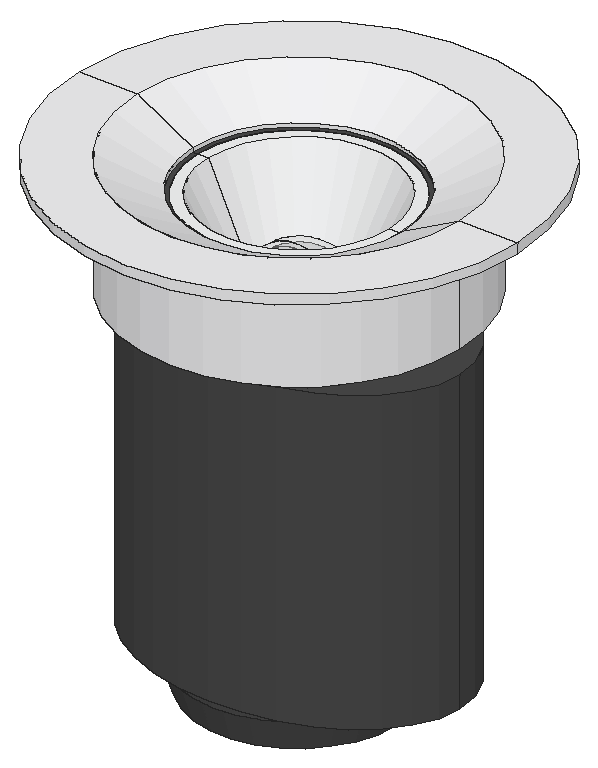
Revit family "Lighting Fixture_Sylvania_Expospot 50 Fixed_Ceiling Recessed1", category Lighting Fixtures, host Face, Revit 2016
Family settings
  Host = Face
  Part Type = Normal
  Round Connector Dimension = Use Diameter
  OmniClass Number = 23.80.70.11.17
  OmniClass Title = Specialized Lighting by Location or Use
  Cut with Voids When Loaded = No
  Light Source = Yes
  Shared = No
  Room Calculation Point = No
Parameters (values of type "EXPOSPOT 50 FIX 80 3K MB WHT")
  Weight = 0.52 kg  # constant formula
  Total Power Consumption = 12.9997 W
  Reflector Material = Aluminum_Sylvania_Expospot_Polished
  Radius = Diameter / 2  # 47.5 mm
  Cooling Small Axis = Radius - 23.0 mm  # 24.5 mm
  Cooling Big Axis = Radius - 12.5 mm  # 35.0 mm
  Product Code = "0060202"
  Photobiological Risk Group = "RG1"  # constant formula
  Nominal Frequency = "50/60Hz"  # constant formula
  Max. Luminaires per 20A C Breaker = "78"  # constant formula
  Max. Luminaires per 20A B Breaker = "47"  # constant formula
  Max. Luminaires per 16A C Breaker = "61"  # constant formula
  Max. Luminaires per 16A B Breaker = "37"  # constant formula
  Max. Luminaires per 13A C Breaker = "50"  # constant formula
  Max. Luminaires per 13A B Breaker = "30"  # constant formula
  Max. Luminaires per 10A C Breaker = "38"  # constant formula
  Max. Luminaires per 10A B Breaker = "23"  # constant formula
  Lamp Power Factor = 0.83  # constant formula
  LOR = "100%"  # constant formula
  Inrush Duration = "199µs"  # constant formula
  Inrush Current = 17 A  # constant formula
  IP Rating = "IP20"  # constant formula
  IK Rating = "IK02"  # constant formula
  Height = 103.0 mm  # constant formula
  Wattage = 12.9997 W
  built-in parameter 1150110 = 1 (stored number, unit not read)
  Voltage Comments = "220-240V~"  # constant formula
  Voltage = 240 V  # constant formula
  URL = "http://www.sylvania-lighting.com/product/en-int/category/interior-lighting/accent-downlights/families/expospot-led/expospot-50-fixed"
  built-in parameter 1114217 = 1 (stored number, unit not read)
  Tilt Angle = -90°  # constant formula
  built-in parameter 1150109 = 1 (stored number, unit not read)
  built-in parameter 1150134 = (empty or 0)
  built-in parameter 1150113 = 1 (stored number, unit not read)
  Product Page URL = "http://www.sylvania-lighting.com/product/en-int/products/0060202"
  Product Family = "EXPOSPOT 50 FIXED"  # constant formula
  Photometry Comments = ""
  Photometric Web File = "0060202.ies"
  Glow Wire Test = 850 °C  # constant formula
  Emit from Circle Diameter = Diameter - 25.0 mm  # 70.0 mm
  Emit Shape Visible in Rendering = no
  Electrical Protection = "Class II"  # constant formula
  Drive Current = "300mA"  # constant formula
  Dimmable = "N"  # constant formula
  Diffuser Material = Arcylic_Sylvania_Expospot_3000K
  Diameter = 95.0 mm  # constant formula
  Cutout Diameter = Diameter - 10.0 mm  # 85.0 mm
  Created by URL = "http://all1studio.com/"
  Created by = "All 1 Studio Ltd. "  # constant formula
  Control Gear Type = "Electronic"  # constant formula
  Control Gear Required = "No"  # constant formula
  Control Gear Mounting = "Remote"  # constant formula
  Colour Variation Initial = "3SDCM"  # constant formula
  built-in parameter 1114216 [instance] = 1 (stored number, unit not read)
  Model = "EXPOSPOT 50 FIX 80 3K MB WHT"
  Manufacturer = "Feilo Sylvania"  # constant formula
  built-in parameter 1150105 = 104.64 (stored number, unit not read)
  Lumens = 1315 lm
  built-in parameter 1150115 = 1 (stored number, unit not read)
  built-in parameter 1150137 = (empty or 0)
  built-in parameter 1150139 = (empty or 0)
  built-in parameter 1150112 = 1 (stored number, unit not read)
  built-in parameter 1150114 = 1 (stored number, unit not read)
  Lamp = "LED"  # constant formula
  built-in parameter 1150132 = 2
  built-in parameter 1150102 = (empty or 0)
  built-in parameter 1150107 = 3000 (stored number, unit not read)
  built-in parameter 1150138 = 3000
  built-in parameter 1150106 = 1.0464 (stored number, unit not read)
  CRI = "80Ra"
  Body Material = Aluminum_Sylvania_Expospot_White
  built-in parameter 1150104 = 9.3977 (stored number, unit not read)
  Dimming Lamp Color Temperature Shift = <None>
  Description = "Specifically designed for Retail and Display applications. I.e. Supermarkets, Fashion Retail, Department stores. Build around a 50mm reflector and lens combination."  # constant formula
  Default Elevation = 0.0 mm
  Color Filter = 16777215
  built-in parameter 1140040 [instance] = 1
  Beam Angle = 35°
  built-in parameter 1114218 = 1 (stored number, unit not read)
  Average Life = "50 000h"  # constant formula
  built-in parameter 1150133 = 10 (stored number, unit not read)
  Assembly Code = "D5020200"
  Apparent Load Comments = ""
  Apparent Load = 12.9997 VA
  Cooling Material = Plastic_Sylvania_Expospot_Black
Types (12, lengths in mm): name | Product Code | built-in parameter 1150134 | Product Page URL | Photometric Web File | Diffuser Material | Model | built-in parameter 1150105 | Lumens | built-in parameter 1150107 | built-in parameter 1150106 | CRI | built-in parameter 1150104 | Beam Angle
  EXPOSPOT 50 FIX 90 4K WB WHT | "0060212" | 12 | "http://www.sylvania-lighting.com/product/en-int/products/0060212" | "0060212.ies" | Arcylic_Sylvania_Expospot_4000K | "EXPOSPOT 50 FIX 90 4K WB WHT" | 96.766 (stored number, unit not read) | 1216 lm | 4000 (stored number, unit not read) | 0.96766 (stored number, unit not read) | "90Ra" | 8.6902 (stored number, unit not read) | 41°
  EXPOSPOT 50 FIX 90 4K MB WHT | "0060211" | 12 | "http://www.sylvania-lighting.com/product/en-int/products/0060211" | "0060211.ies" | Arcylic_Sylvania_Expospot_4000K | "EXPOSPOT 50 FIX 90 4K MB WHT" | 91.992 (stored number, unit not read) | 1156 lm | 4000 (stored number, unit not read) | 0.91992 (stored number, unit not read) | "90Ra" | 8.2614 (stored number, unit not read) | 33°
  EXPOSPOT 50 FIX 90 4K NB WHT | "0060210" | 12 | "http://www.sylvania-lighting.com/product/en-int/products/0060210" | "0060210.ies" | Arcylic_Sylvania_Expospot_4000K | "EXPOSPOT 50 FIX 90 4K NB WHT" | 90.798 (stored number, unit not read) | 1141 lm | 4000 (stored number, unit not read) | 0.90798 (stored number, unit not read) | "90Ra" | 8.1542 (stored number, unit not read) | 22°
  EXPOSPOT 50 FIX 90 3K WB WHT | "0060209" | (empty or 0) | "http://www.sylvania-lighting.com/product/en-int/products/0060209" | "0060209.ies" | Arcylic_Sylvania_Expospot_3000K | "EXPOSPOT 50 FIX 90 3K WB WHT" | 88.649 (stored number, unit not read) | 1114 lm | 3000 (stored number, unit not read) | 0.88649 (stored number, unit not read) | "90Ra" | 7.9612 (stored number, unit not read) | 45°
  EXPOSPOT 50 FIX 90 3K MB WHT | "0060208" | (empty or 0) | "http://www.sylvania-lighting.com/product/en-int/products/0060208" | "0060208.ies" | Arcylic_Sylvania_Expospot_3000K | "EXPOSPOT 50 FIX 90 3K MB WHT" | 87.376 (stored number, unit not read) | 1098 lm | 3000 (stored number, unit not read) | 0.87376 (stored number, unit not read) | "90Ra" | 7.8469 (stored number, unit not read) | 33°
  EXPOSPOT 50 FIX 90 3K NB WHT | "0060207" | (empty or 0) | "http://www.sylvania-lighting.com/product/en-int/products/0060207" | "0060207.ies" | Arcylic_Sylvania_Expospot_3000K | "EXPOSPOT 50 FIX 90 3K NB WHT" | 91.275 (stored number, unit not read) | 1147 lm | 3000 (stored number, unit not read) | 0.91275 (stored number, unit not read) | "90Ra" | 8.1971 (stored number, unit not read) | 22°
  EXPOSPOT 50 FIX 80 4K WB WHT | "0060206" | 12 | "http://www.sylvania-lighting.com/product/en-int/products/0060206" | "0060206.ies" | Arcylic_Sylvania_Expospot_4000K | "EXPOSPOT 50 FIX 80 4K WB WHT" | 108.46 (stored number, unit not read) | 1363 lm | 4000 (stored number, unit not read) | 1.0846 (stored number, unit not read) | "80Ra" | 9.7407 (stored number, unit not read) | 50°
  EXPOSPOT 50 FIX 80 4K MB WHT | "0060205" | 12 | "http://www.sylvania-lighting.com/product/en-int/products/0060205" | "0060205.ies" | Arcylic_Sylvania_Expospot_4000K | "EXPOSPOT 50 FIX 80 4K MB WHT" | 113 (stored number, unit not read) | 1420 lm | 4000 (stored number, unit not read) | 1.13 (stored number, unit not read) | "80Ra" | 10.148 (stored number, unit not read) | 32°
  EXPOSPOT 50 FIX 80 4K NB WHT | "0060204" | 12 | "http://www.sylvania-lighting.com/product/en-int/products/0060204" | "0060204.ies" | Arcylic_Sylvania_Expospot_4000K | "EXPOSPOT 50 FIX 80 4K NB WHT" | 111.49 (stored number, unit not read) | 1401 lm | 4000 (stored number, unit not read) | 1.1149 (stored number, unit not read) | "80Ra" | 10.012 (stored number, unit not read) | 22°
  EXPOSPOT 50 FIX 80 3K WB WHT | "0060203" | (empty or 0) | "http://www.sylvania-lighting.com/product/en-int/products/0060203" | "0060203.ies" | Arcylic_Sylvania_Expospot_3000K | "EXPOSPOT 50 FIX 80 3K WB WHT" | 103.21 (stored number, unit not read) | 1297 lm | 3000 (stored number, unit not read) | 1.0321 (stored number, unit not read) | "80Ra" | 9.2691 (stored number, unit not read) | 51°
  EXPOSPOT 50 FIX 80 3K MB WHT | "0060202" | (empty or 0) | "http://www.sylvania-lighting.com/product/en-int/products/0060202" | "0060202.ies" | Arcylic_Sylvania_Expospot_3000K | "EXPOSPOT 50 FIX 80 3K MB WHT" | 104.64 (stored number, unit not read) | 1315 lm | 3000 (stored number, unit not read) | 1.0464 (stored number, unit not read) | "80Ra" | 9.3977 (stored number, unit not read) | 35°
  EXPOSPOT 50 FIX 80 3K NB WHT | "0060201" | (empty or 0) | "http://www.sylvania-lighting.com/product/en-int/products/0060201" | "0060201.ies" | Arcylic_Sylvania_Expospot_3000K | "EXPOSPOT 50 FIX 80 3K NB WHT" | 107.59 (stored number, unit not read) | 1352 lm | 3000 (stored number, unit not read) | 1.0759 (stored number, unit not read) | "80Ra" | 9.6621 (stored number, unit not read) | 22°
Reference planes
  plane 1 "Center (Front/Back)": y = 0
  plane 2: z = 0
  plane 3 "Center (Left/Right)": x = -7.423
  plane 4: z = 2
  plane 5 "Fixture Radius": x = -54.923
  plane 6: x = -42.423
  plane 7: z = -5
  plane 8: x = -39.923
  plane 9 "Reflector Radius": x = -29.423
  plane 10 "Diffuser Radius": x = -18.423
  plane 11: z = -23
  plane 12: z = -28
  plane 13: z = -93
  plane 14: z = -101
Forms (mm)
  Revolve 1, solid, material "Aluminum_Sylvania_Expospot_White" <- "Body Material", detail levels fine
    sketch origin (0, 0, 0) x (1, 0, 0) y (0, 0, 1)
      loop
        line (-42.423, 2) -> (-54.923, 2) -> (-54.923, 0) -> (-42.423, 0) -> (-42.423, -23) -> (-39.923, -23) -> (-39.923, -5) -> (-30.423, -5) -> (-30.423, -4.2) -> (-42.423, 2)
      axis (-7.423, 2) -> (-7.423, -23)
    angle from 0 to 360
  Revolve 2, solid, material "Aluminum_Sylvania_Expospot_Polished" <- "Reflector Material", detail levels fine
    sketch origin (0, 0, 0) x (1, 0, 0) y (0, 0, 1)
      loop
        line (-29.423, -5) -> (-20.753, -23) -> (-18.423, -23) -> (-27.093, -5) -> (-29.423, -5)
      axis (-7.423, -5) -> (-7.423, -23)
    angle from 0 to 360
  Revolve 3, solid, material "Arcylic_Sylvania_Expospot_3000K" <- "Diffuser Material", detail levels fine
    sketch origin (0, 0, 0) x (1, 0, 0) y (0, 0, 1)
      loop
        arc (-7.423, -14.989) -> (-14.227, -17.204) -> (-18.423, -23) r 11.557
        line (-18.423, -23) -> (-17.367, -23)
        arc (-17.367, -23) -> (-13.506, -17.918) -> (-7.423, -15.989) r 10.557
        line (-7.423, -15.989) -> (-7.423, -14.989)
      axis (-7.423, -14.989) -> (-7.423, -23)
    angle from 0 to 360
  Revolve 4, solid, material "Plastic_Sylvania_Expospot_Black" <- "Cooling Material", detail levels fine
    sketch origin (0, 0, 0) x (1, 0, 0) y (0, 0, 1)
      loop
        line (-29.423, -5) -> (-39.923, -5) -> (-39.923, -23) -> (-35.541, -23) -> (-33.721, -28) -> (-7.423, -28) -> (-7.423, -23) -> (-29.423, -23) -> (-29.423, -5)
      axis (-7.423, -5) -> (-7.423, -28)
    angle from 0 to 360
  Extrusion 5, solid, material "Plastic_Sylvania_Expospot_Black" <- "Cooling Material", detail levels fine
    sketch origin (0, 0, 0) x (1, 0, 0) y (0, 1, 0)
      loop
        spline (27.577, 0) -> (26.385, 6.341) -> (22.888, 12.25) -> (17.326, 17.324) -> (10.077, 21.218) -> (1.636, 23.665) -> (-7.423, 24.5) -> (-16.481, 23.665) -> (-24.923, 21.218) -> (-32.171, 17.324) -> (-37.734, 12.25) -> (-41.23, 6.341) -> (-42.423, 0)
        spline (-42.423, 0) -> (-41.23, -6.341) -> (-37.734, -12.25) -> (-32.171, -17.324) -> (-24.923, -21.218) -> (-16.481, -23.665) -> (-7.423, -24.5) -> (1.636, -23.665) -> (10.077, -21.218) -> (17.326, -17.324) -> (22.888, -12.25) -> (26.385, -6.341) -> (27.577, 0)
    from -93 to -28
  Revolve 6, solid, material "Plastic_Sylvania_Expospot_Black" <- "Cooling Material", detail levels fine
    sketch origin (0, 0, 0) x (1, 0, 0) y (0, 0, 1)
      loop
        line (-30.923, -93) -> (-30.923, -94.683) -> (-28.748, -101) -> (-7.423, -101) -> (-7.423, -93) -> (-30.923, -93)
      axis (-7.423, -93) -> (-7.423, -101)
    angle from 0 to 360
  Extrusion 7, void
    sketch origin (0, 0, 0) x (1, 0, 0) y (0, 1, 0)
      loop
        circle (-7.423, 0) r 42.5
    from -93 to 0
  Revolve 8, solid, material "Aluminum_Sylvania_Expospot_White" <- "Body Material", detail levels coarse+medium
    sketch origin (0, 0, 0) x (1, 0, 0) y (0, 0, 1)
      loop
        line (-54.923, 2) -> (-54.923, 0) -> (-42.423, 0) -> (-42.423, -101) -> (-7.423, -101) -> (-7.423, 2) -> (-54.923, 2)
      axis (-7.423, 2) -> (-7.423, -101)
    angle from 0 to 360
Cuts and joins
  joined: Revolve 4, Extrusion 5, Revolve 6
Lines and regions (mm)
  Masking region 1
    outline origin (0, 0, 0) x (1, 0, 0) y (0, 1, 0)
      loop
        circle (-7.423, 0) r 47.5
  symbolic lines, detail levels fine
    curve 1: arc (-42.423, 0, 0) -> (-7.423, 35, 0) -> (27.577, 0, 0) r 35
    curve 2: arc (27.577, 0, 0) -> (-7.423, -35, 0) -> (-42.423, 0, 0) r 35
    curve 3: arc (3.577, 0, 0) -> (-7.423, -11, 0) -> (-18.423, 0, 0) r 11
    curve 4: arc (-18.423, 0, 0) -> (-7.423, 11, 0) -> (3.577, 0, 0) r 11
Dimensions and locks
  "Radius": plane 3 "Center (Left/Right)" to plane 5 "Fixture Radius"
  plane 4 to plane 2 to plane 7 to plane 11 to plane 12 = 2.0 mm locked, 5.0 mm locked, 18.0 mm locked, 5.0 mm
  Revolve 3 sketch curve to Revolve 3 sketch curve to plane 11 = 1.0 mm locked, 7.011 mm locked
  locked: plane 13 to plane 14 at 8
  "Cooling Small Axis": plane 1 "Center (Front/Back)" to Extrusion 5 sketch curve
  "Cooling Big Axis": Extrusion 5 sketch curve to plane 3 "Center (Left/Right)"
  "Height": plane 4 to plane 14
  plane 10 "Diffuser Radius" to plane 9 "Reflector Radius" to plane 8 to plane 6 to plane 5 "Fixture Radius" = 11.0 mm locked, 10.5 mm locked, 2.5 mm locked, 12.5 mm locked
  locked: Revolve 6 sketch curve to plane 5 "Fixture Radius" at 24
  "Cutout Diameter": diameter of Extrusion 7 sketch curve
  aligned and locked: host face to plane 2
  aligned and locked: host face to level
  aligned and locked: plane 1 "Center (Front/Back)" to imposter light
  aligned and locked: plane 3 "Center (Left/Right)" to imposter light
  aligned and locked: Revolve 1 sketch curve to plane 5 "Fixture Radius"
  aligned and locked: Revolve 1 sketch curve to plane 6
  aligned and locked: plane 8 to Revolve 1 sketch curve
  aligned and locked: plane 6 to Revolve 1 sketch curve
  aligned and locked: plane 7 to Revolve 1 sketch curve
  aligned and locked: Revolve 1 sketch curve to plane 2
  aligned and locked: plane 4 to Revolve 1 sketch curve
  aligned and locked: plane 9 "Reflector Radius" to Revolve 2 sketch curve
  aligned and locked: plane 7 to Revolve 2 sketch curve  (x2)
  aligned and locked: plane 11 to Revolve 2 sketch curve  (x2)
  aligned and locked: plane 10 "Diffuser Radius" to Revolve 2 sketch curve
  aligned and locked: plane 11 to Revolve 4 sketch curve
  aligned and locked: Revolve 4 sketch curve to plane 11
  aligned and locked: plane 9 "Reflector Radius" to Revolve 4 sketch curve
  aligned and locked: Revolve 4 sketch curve to plane 8
  aligned and locked: plane 3 "Center (Left/Right)" to Revolve 4 sketch curve
  aligned and locked: Extrusion 5 to plane 12
  aligned and locked: plane 13 to Extrusion 5
  aligned and locked: plane 12 to Revolve 4 sketch curve
  aligned and locked: Revolve 4 sketch curve to plane 7
  aligned and locked: plane 13 to Extrusion 7
  aligned and locked: plane 2 to Extrusion 7
  aligned and locked: Revolve 8 sketch curve to plane 6
  aligned and locked: plane 14 to Revolve 8 sketch curve
  aligned and locked: Revolve 8 sketch curve to plane 2
  aligned and locked: plane 4 to Revolve 8 sketch curve
  aligned and locked: Revolve 8 sketch curve to plane 5 "Fixture Radius"
  aligned and locked: plane 3 "Center (Left/Right)" to Revolve 8 sketch curve
  aligned and locked: curve 1 to Revolve 1
  aligned and locked: curve 2 to Revolve 1
  aligned and locked: curve 3 to Revolve 3
  aligned and locked: curve 4 to Revolve 3
  aligned and locked: imposter light to plane 4
  aligned and locked: plane 11 to Revolve 1
Automatic sketch dimensions
  host sketch curve to host sketch curve = 1704.996 mm
  host sketch curve to host sketch curve = 1500.0 mm
  Revolve 1 sketch curve to plane 3 "Center (Left/Right)" = 0.0 mm
  Revolve 1 sketch curve to Revolve 1 sketch curve = 25.246 mm
  plane 4 to Revolve 1 sketch curve = 11.292 mm
  Revolve 2 sketch curve to plane 3 "Center (Left/Right)" = 0.0 mm
  plane 9 "Reflector Radius" to Revolve 2 sketch curve = 2.33 mm
  plane 11 to Revolve 2 sketch curve = 349.274 mm
  plane 4 to Revolve 2 sketch curve = 1145.706 mm
  Revolve 3 sketch curve to Revolve 3 sketch curve = 0.0 mm
  Revolve 3 sketch curve to plane 10 "Diffuser Radius" = 0.0 mm
  Revolve 3 sketch curve to plane 11 = 0.0 mm
  Revolve 3 sketch curve to plane 3 "Center (Left/Right)" = 0.0 mm  (x2)
  Revolve 3 sketch curve to plane 11 = 1.818 mm
  plane 7 to Revolve 3 sketch curve = 3.0 mm
  plane 8 to Revolve 4 sketch curve = 4.382 mm
  Revolve 4 sketch curve to plane 3 "Center (Left/Right)" = 0.0 mm
  Revolve 4 sketch curve to Revolve 4 sketch curve = 344.274 mm
  plane 4 to Revolve 4 sketch curve = 1145.706 mm
  Revolve 6 sketch curve to plane 13 = 0.0 mm
  Revolve 6 sketch curve to plane 14 = 0.0 mm
  Revolve 6 sketch curve to plane 3 "Center (Left/Right)" = 0.0 mm  (x2)
  plane 13 to Revolve 6 sketch curve = 1.683 mm
  plane 14 to Revolve 6 sketch curve = 271.274 mm
  plane 4 to Revolve 6 sketch curve = 1145.706 mm
  plane 1 "Center (Front/Back)" to Extrusion 5 sketch curve = 0.0 mm
  Extrusion 5 sketch curve to plane 3 "Center (Left/Right)" = 0.0 mm
  plane 1 "Center (Front/Back)" to Extrusion 7 sketch curve = 0.0 mm
  Extrusion 7 sketch curve to plane 3 "Center (Left/Right)" = 0.0 mm
  Revolve 8 sketch curve to plane 3 "Center (Left/Right)" = 0.0 mm
  plane 14 to Revolve 8 sketch curve = 24.097 mm
  Revolve 8 sketch curve to Revolve 8 sketch curve = 45.0 mm
  Masking region 1 sketch curve to Masking region 1 sketch curve = 0.0 mm  (x2)
  plane 1 "Center (Front/Back)" to Masking region 1 sketch curve = 0.0 mm
  Masking region 1 sketch curve to plane 5 "Fixture Radius" = 0.0 mm
  Masking region 1 sketch curve to plane 3 "Center (Left/Right)" = 0.0 mm
  Revolve 1 sketch curve to plane 9 "Reflector Radius" = 1.0 mm
  Revolve 4 sketch curve to plane 9 "Reflector Radius" = 4.298 mm
  Revolve 2 sketch curve to Revolve 2 sketch curve = 2.33 mm
  Revolve 1 sketch curve to Revolve 1 sketch curve = 0.8 mm
  plane 9 "Reflector Radius" to Revolve 6 sketch curve = 0.675 mm
  Revolve 1 sketch curve to plane 11 = 0.0 mm
Connectors
  electrical at (-7.423, 0, -101), driven by "Voltage", driven by "Apparent Load", driven by "Lamp Power Factor"
    settings: on cut or joined group of Revolve 4, Extrusion 5, Revolve 6, index 1, voltage 240 V, apparent load 0 VA, apparent load phase1 12.9997 VA, apparent load phase2 0 VA, apparent load phase3 0 VA, power factor 0.83, load classification "Lighting", number of poles 1, system type 31, power factor state 1, is connector primary yes, connector utility no, sub classification motor no, connector description ""
